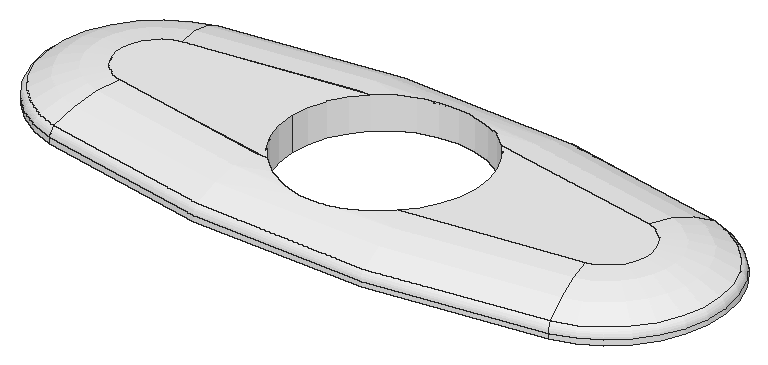
Revit family "Deckplate-American_Standard-Universal-2000102P_Series", category Specialty Equipment, Revit 2019
Family settings
  Round Connector Dimension = Use Diameter
  Part Type = Normal
  OmniClass Number = 23.45.55.11
  OmniClass Title = Sanitary Components
  Work Plane-Based = Yes
  Always vertical = No
  Cut with Voids When Loaded = No
  Shared = Yes
  Room Calculation Point = No
Parameters (values of type "2000102P.002")
  Width = 2 9/16"  # constant formula
  URL = "http://www.americanstandard-us.com"
  Product Page URL = "https://www.americanstandard-us.com/Escutcheons/Universal-Deck-Plate/CHROME-2000102P002"
  Product Documentation Link = "https://americanstandard.box.com/shared/static/bma130aq1sjx5kd2axeffj3owizwkvco.pdf"
  Model = "2000102P.002"
  Material = "Metal-American Standard-002-Polished Chrome"
  Manufacturer = "American Standard"  # constant formula
  Length = 6 5/16"  # constant formula
  Installation Type = "Deck Mounted"  # constant formula
  Height = 5/16"  # constant formula
  Finish = Metal-American Standard-002-Polished Chrome
  Description = "Universal Deck Plate "  # constant formula
  Default Elevation = 0"
  Creation Date = "04/26/2023"  # constant formula
  Assembly Code = "D2010900"
Types (4): name | Product Page URL | Model | Material | Finish
  2000102P.002 | "https://www.americanstandard-us.com/Escutcheons/Universal-Deck-Plate/CHROME-2000102P002" | "2000102P.002" | "Metal-American Standard-002-Polished Chrome" | Metal-American Standard-002-Polished Chrome
  2000102P.295 | "https://www.americanstandard-us.com/Escutcheons/Universal-Deck-Plate/BRUSHED-NICKEL-2000102P295" | "2000102P.295" | "Metal-American Standard-295-Brushed Nickel" | Metal-American Standard-295-Brushed Nickel
  2000102P.013 | "https://www.americanstandard-us.com/Escutcheons/Universal-Deck-Plate/POLISHED-NICKEL-2000102P013" | "2000102P.013" | "Metal-American Standard-013-Polished Nickel" | Metal-American Standard-013-Polished Nickel
  2000102P.278 | "https://www.americanstandard-us.com/Escutcheons/Universal-Deck-Plate/LEGACY-BRONZE-2000102P278" | "2000102P.278" | "Metal-American Standard-278-Legacy Bronze" | Metal-American Standard-278-Legacy Bronze
Reference planes (in)
  plane 1 "Center (Front/Back)": y = 0
  plane 2: z = 0
  plane 3 "Center (Left/Right)": x = 0
  plane 4: z = 0.3125
  plane 5: y = 1.28125
  plane 6: y = -1.28125
  plane 7: x = -3.15625
  plane 8: x = 3.15625
Forms (in)
  Sweep 1, solid, material "Metal-American Standard-002-Polished Chrome" <- "Finish"
    path origin (0, 0, 0) x (1, 0, 0) y (0, 1, 0)
      loop
        arc (-2.36305, 1.01198) -> (-3.15867, 0) -> (-2.36305, -1.01198) r 1.0414
        arc (-2.36305, -1.01198) -> (0, -1.29482) -> (2.36305, -1.01198) r 10.01273
        arc (2.36305, -1.01198) -> (3.15867, 0) -> (2.36305, 1.01198) r 1.0414
        arc (2.36305, 1.01198) -> (0, 1.29482) -> (-2.36305, 1.01198) r 10.01273
    profile origin (-3.15867, 0, 0) x (1, 0, 0) y (0, 0, 1)
      loop
        line (0.00242, 0) -> (0.8788, 0) -> (0.8788, 0.3125) -> (0.65836, 0.3125)
        arc (0.65836, 0.3125) -> (0.33941, 0.26578) -> (0.04725, 0.12955) r 1.11212
        arc (0.04725, 0.12955) -> (0.01434, 0.09364) -> (0.00242, 0.04641) r 0.09951
        line (0.00242, 0.04641) -> (0.00242, 0)
  Extrusion 2, void
    sketch origin (0, 0, 0) x (1, 0, 0) y (0, 1, 0)
      loop
        circle (0, 0) r 0.87599
    from 0 to 0.3125
  Extrusion 3, solid, material "Metal-American Standard-002-Polished Chrome" <- "Finish"
    sketch origin (0, 0, 0) x (1, 0, 0) y (0, 1, 0)
      loop
        arc (-2.15565, 0.158) -> (-2.27987, 0) -> (-2.15565, -0.158) r 0.16259
        arc (-2.15565, -0.158) -> (0, -0.41602) -> (2.15565, -0.158) r 9.13393
        arc (2.15565, -0.158) -> (2.27987, 0) -> (2.15565, 0.158) r 0.16259
        arc (2.15565, 0.158) -> (0, 0.41602) -> (-2.15565, 0.158) r 9.13393
    from 0 to 0.3125
Cuts and joins
  Extrusion 2 cuts Sweep 1
  Extrusion 2 cuts Extrusion 3
  joined: Sweep 1, Extrusion 3
Lines and regions (in)
  Masking region 1
    outline origin (0, 0, 0) x (1, 0, 0) y (0, 1, 0)
      loop
        arc (-2.36248, 1.00963) -> (-3.15625, 0) -> (-2.36248, -1.00963) r 1.03897
        arc (-2.36248, -1.00963) -> (0, -1.2924) -> (2.36248, -1.00963) r 10.01031
        arc (2.36248, -1.00963) -> (3.15625, 0) -> (2.36248, 1.00963) r 1.03897
        arc (2.36248, 1.00963) -> (0, 1.2924) -> (-2.36248, 1.00963) r 10.01031
  symbolic lines, detail levels medium+fine
    curve 1: circle (0, 0, 0) r 0.87599 normal (0, 0, 1)
Dimensions and locks (in)
  "Height": plane 4 to level
  equal spacing: plane 6, plane 1 "Center (Front/Back)", plane 5
  "Width": plane 5 to plane 6
  equal spacing: plane 7, plane 3 "Center (Left/Right)", plane 8
  "Length": plane 7 to plane 8
  plane 4 to level = 5/16"
  aligned and locked: plane 7 to Sweep 1 sketch curve
  aligned and locked: Extrusion 3 sketch curve to cut or joined group of Sweep 1, Extrusion 2, Extrusion 3  (x4)
  aligned and locked: Extrusion 3 to level
  aligned and locked: plane 4 to Extrusion 3
  aligned and locked: Extrusion 2 to level
  aligned and locked: plane 4 to Extrusion 2
  aligned and locked: Masking region 1 sketch curve to cut or joined group of Sweep 1, Extrusion 2, Extrusion 3  (x4)
  aligned and locked: curve 1 to cut or joined group of Sweep 1, Extrusion 2, Extrusion 3
Automatic sketch dimensions
  plane 1 "Center (Front/Back)" to Sweep 1 sketch curve = 0"  (x2)
  Sweep 1 sketch curve to plane 3 "Center (Left/Right)" = 0"
  plane 7 to Sweep 1 sketch curve = 1.03897"
  Sweep 1 sketch curve to plane 5 = 0.26927"
  Sweep 1 sketch curve to plane 6 = 0.26927"  (x2)
  plane 7 to Sweep 1 sketch curve = 0.7932"
  Sweep 1 sketch curve to Sweep 1 sketch curve = 0"  (x4)
  plane 1 "Center (Front/Back)" to Extrusion 2 sketch curve = 0"
  Extrusion 2 sketch curve to plane 3 "Center (Left/Right)" = 0"
  Sweep 1 sketch curve to level = 0"
  level to Sweep 1 sketch curve = 0.04641"
  Sweep 1 sketch curve to Sweep 1 sketch curve = 0.09951"
  Sweep 1 sketch curve to profile plane = 0.65836"
  Sweep 1 sketch curve to Sweep 1 sketch curve = 0.22045"
  Sweep 1 sketch curve to level = 0.79962"
  level to Sweep 1 sketch curve = 5/16"
  radius of Extrusion 2 sketch curve = 0.87599"
